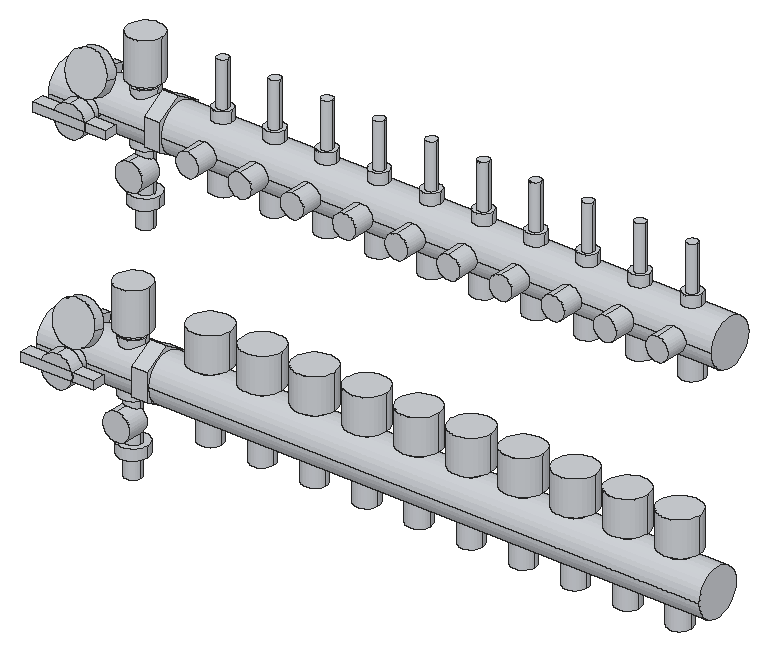
Revit family "318_f16c880827e94962872f661bd91b44", category Pipe Accessories, Revit 2017 (continued)
Connectors
  piping at (249, 0, -40), diameter 18, driven by "Flow supply 3", driven by "SBP3"
    settings: on Extrusion 128, index 4, connector inside diameter 609.6 mm, connector length 0 mm, flow factor 0, pipe flow 0.0 L/s, pressure drop 0.0 Pa, fitting loss kfactor 0, connector angle 0.00°, fixture units 0, engagement length 0 mm, angle of deflection 0.00°, flow configuration 0, flow direction 2, fitting loss method 0, system type 7, joint type 0, gender type 0, connector reference index -1, connector utility 0, adjustable connector no, is connector primary no, connector description "Branch_1_3"
  piping at (299, 0, -40), diameter 18, driven by "Flow supply 4", driven by "SBP4"
    settings: on Extrusion 127, index 5, connector inside diameter 609.6 mm, connector length 0 mm, flow factor 0, pipe flow 0.0 L/s, pressure drop 0.0 Pa, fitting loss kfactor 0, connector angle 0.00°, fixture units 0, engagement length 0 mm, angle of deflection 0.00°, flow configuration 0, flow direction 2, fitting loss method 0, system type 7, joint type 0, gender type 0, connector reference index -1, connector utility 0, adjustable connector no, is connector primary no, connector description "Branch_1_4"
  piping at (349, 0, -40), diameter 18, driven by "Flow supply 5", driven by "SBP5"
    settings: on Extrusion 126, index 6, connector inside diameter 609.6 mm, connector length 0 mm, flow factor 0, pipe flow 0.0 L/s, pressure drop 0.0 Pa, fitting loss kfactor 0, connector angle 0.00°, fixture units 0, engagement length 0 mm, angle of deflection 0.00°, flow configuration 0, flow direction 2, fitting loss method 0, system type 7, joint type 0, gender type 0, connector reference index -1, connector utility 0, adjustable connector no, is connector primary no, connector description "Branch_1_5"
  piping at (399, 0, -40), diameter 18, driven by "Flow supply 6", driven by "SBP6"
    settings: on Extrusion 125, index 7, connector inside diameter 609.6 mm, connector length 0 mm, flow factor 0, pipe flow 0.0 L/s, pressure drop 0.0 Pa, fitting loss kfactor 0, connector angle 0.00°, fixture units 0, engagement length 0 mm, angle of deflection 0.00°, flow configuration 0, flow direction 2, fitting loss method 0, system type 7, joint type 0, gender type 0, connector reference index -1, connector utility 0, adjustable connector no, is connector primary no, connector description "Branch_1_6"
  piping at (449, 0, -40), diameter 18, driven by "Flow supply 7", driven by "SBP7"
    settings: on Extrusion 124, index 8, connector inside diameter 609.6 mm, connector length 0 mm, flow factor 0, pipe flow 0.0 L/s, pressure drop 0.0 Pa, fitting loss kfactor 0, connector angle 0.00°, fixture units 0, engagement length 0 mm, angle of deflection 0.00°, flow configuration 0, flow direction 2, fitting loss method 0, system type 7, joint type 0, gender type 0, connector reference index -1, connector utility 0, adjustable connector no, is connector primary no, connector description "Branch_1_7"
  piping at (499, 0, -40), diameter 18, driven by "Flow supply 8", driven by "SBP8"
    settings: on Extrusion 121, index 9, connector inside diameter 609.6 mm, connector length 0 mm, flow factor 0, pipe flow 0.0 L/s, pressure drop 0.0 Pa, fitting loss kfactor 0, connector angle 0.00°, fixture units 0, engagement length 0 mm, angle of deflection 0.00°, flow configuration 0, flow direction 2, fitting loss method 0, system type 7, joint type 0, gender type 0, connector reference index -1, connector utility 0, adjustable connector no, is connector primary no, connector description "Branch_1_8"
  piping at (549, 0, -40), diameter 18, driven by "Flow supply 9", driven by "SBP9"
    settings: on Extrusion 122, index 10, connector inside diameter 609.6 mm, connector length 0 mm, flow factor 0, pipe flow 0.0 L/s, pressure drop 0.0 Pa, fitting loss kfactor 0, connector angle 0.00°, fixture units 0, engagement length 0 mm, angle of deflection 0.00°, flow configuration 0, flow direction 2, fitting loss method 0, system type 7, joint type 0, gender type 0, connector reference index -1, connector utility 0, adjustable connector no, is connector primary no, connector description "Branch_1_9"
  piping at (599, 0, -40), diameter 18, driven by "Flow supply 10", driven by "SBP10"
    settings: on Extrusion 123, index 11, connector inside diameter 609.6 mm, connector length 0 mm, flow factor 0, pipe flow 0.0 L/s, pressure drop 0.0 Pa, fitting loss kfactor 0, connector angle 0.00°, fixture units 0, engagement length 0 mm, angle of deflection 0.00°, flow configuration 0, flow direction 2, fitting loss method 0, system type 7, joint type 0, gender type 0, connector reference index -1, connector utility 0, adjustable connector no, is connector primary no, connector description "Branch_1_10"
  piping at (0, -15, -208), diameter 25, driven by "Flow return main", driven by "RMP"
    settings: on Extrusion 130, index 12, connector inside diameter 609.6 mm, connector length 0 mm, flow factor 0, pipe flow 0.0 L/s, pressure drop 0.0 Pa, fitting loss kfactor 0, connector angle 0.00°, fixture units 0, engagement length 0 mm, angle of deflection 0.00°, flow configuration 1, flow direction 2, fitting loss method 0, system type 8, joint type 0, gender type 0, connector reference index -1, connector utility 0, adjustable connector no, is connector primary no, connector description "Main_2_1"
  piping at (149, -15, -248), diameter 18, driven by "Flow return 1", driven by "RBP1"
    settings: on Extrusion 119, index 13, connector inside diameter 609.6 mm, connector length 0 mm, flow factor 0, pipe flow 0.0 L/s, pressure drop 0.0 Pa, fitting loss kfactor 0, connector angle 0.00°, fixture units 0, engagement length 0 mm, angle of deflection 0.00°, flow configuration 0, flow direction 1, fitting loss method 0, system type 8, joint type 0, gender type 0, connector reference index -1, connector utility 0, adjustable connector no, is connector primary no, connector description "Branch_2_1"
  piping at (199, -15, -248), diameter 18, driven by "Flow return 2", driven by "RBP2"
    settings: on Extrusion 118, index 14, connector inside diameter 609.6 mm, connector length 0 mm, flow factor 0, pipe flow 0.0 L/s, pressure drop 0.0 Pa, fitting loss kfactor 0, connector angle 0.00°, fixture units 0, engagement length 0 mm, angle of deflection 0.00°, flow configuration 0, flow direction 1, fitting loss method 0, system type 8, joint type 0, gender type 0, connector reference index -1, connector utility 0, adjustable connector no, is connector primary no, connector description "Branch_2_2"
  piping at (249, -15, -248), diameter 18, driven by "Flow return 3", driven by "RBP3"
    settings: on Extrusion 120, index 15, connector inside diameter 609.6 mm, connector length 0 mm, flow factor 0, pipe flow 0.0 L/s, pressure drop 0.0 Pa, fitting loss kfactor 0, connector angle 0.00°, fixture units 0, engagement length 0 mm, angle of deflection 0.00°, flow configuration 0, flow direction 1, fitting loss method 0, system type 8, joint type 0, gender type 0, connector reference index -1, connector utility 0, adjustable connector no, is connector primary no, connector description "Branch_2_3"
  piping at (299, -15, -248), diameter 18, driven by "Flow return 4", driven by "RBP4"
    settings: on Extrusion 117, index 16, connector inside diameter 609.6 mm, connector length 0 mm, flow factor 0, pipe flow 0.0 L/s, pressure drop 0.0 Pa, fitting loss kfactor 0, connector angle 0.00°, fixture units 0, engagement length 0 mm, angle of deflection 0.00°, flow configuration 0, flow direction 1, fitting loss method 0, system type 8, joint type 0, gender type 0, connector reference index -1, connector utility 0, adjustable connector no, is connector primary no, connector description "Branch_2_4"
  piping at (349, -15, -248), diameter 18, driven by "Flow return 5", driven by "RBP5"
    settings: on Extrusion 116, index 17, connector inside diameter 609.6 mm, connector length 0 mm, flow factor 0, pipe flow 0.0 L/s, pressure drop 0.0 Pa, fitting loss kfactor 0, connector angle 0.00°, fixture units 0, engagement length 0 mm, angle of deflection 0.00°, flow configuration 0, flow direction 1, fitting loss method 0, system type 8, joint type 0, gender type 0, connector reference index -1, connector utility 0, adjustable connector no, is connector primary no, connector description "Branch_2_5"
  piping at (399, -15, -248), diameter 18, driven by "Flow return 6", driven by "RBP6"
    settings: on Extrusion 115, index 18, connector inside diameter 609.6 mm, connector length 0 mm, flow factor 0, pipe flow 0.0 L/s, pressure drop 0.0 Pa, fitting loss kfactor 0, connector angle 0.00°, fixture units 0, engagement length 0 mm, angle of deflection 0.00°, flow configuration 0, flow direction 1, fitting loss method 0, system type 8, joint type 0, gender type 0, connector reference index -1, connector utility 0, adjustable connector no, is connector primary no, connector description "Branch_2_6"
  piping at (449, -15, -248), diameter 18, driven by "Flow return 7", driven by "RBP7"
    settings: on Extrusion 114, index 19, connector inside diameter 609.6 mm, connector length 0 mm, flow factor 0, pipe flow 0.0 L/s, pressure drop 0.0 Pa, fitting loss kfactor 0, connector angle 0.00°, fixture units 0, engagement length 0 mm, angle of deflection 0.00°, flow configuration 0, flow direction 1, fitting loss method 0, system type 8, joint type 0, gender type 0, connector reference index -1, connector utility 0, adjustable connector no, is connector primary no, connector description "Branch_2_7"
  piping at (499, -15, -248), diameter 18, driven by "Flow return 8", driven by "RBP8"
    settings: on Extrusion 112, index 20, connector inside diameter 609.6 mm, connector length 0 mm, flow factor 0, pipe flow 0.0 L/s, pressure drop 0.0 Pa, fitting loss kfactor 0, connector angle 0.00°, fixture units 0, engagement length 0 mm, angle of deflection 0.00°, flow configuration 0, flow direction 1, fitting loss method 0, system type 8, joint type 0, gender type 0, connector reference index -1, connector utility 0, adjustable connector no, is connector primary no, connector description "Branch_2_8"
  piping at (549, -15, -248), diameter 18, driven by "Flow return 9", driven by "RBP9"
    settings: on Extrusion 113, index 21, connector inside diameter 609.6 mm, connector length 0 mm, flow factor 0, pipe flow 0.0 L/s, pressure drop 0.0 Pa, fitting loss kfactor 0, connector angle 0.00°, fixture units 0, engagement length 0 mm, angle of deflection 0.00°, flow configuration 0, flow direction 1, fitting loss method 0, system type 8, joint type 0, gender type 0, connector reference index -1, connector utility 0, adjustable connector no, is connector primary no, connector description "Branch_2_9"
  piping at (599, -15, -248), diameter 18, driven by "Flow return 10", driven by "RBP10"
    settings: on Extrusion 111, index 22, connector inside diameter 609.6 mm, connector length 0 mm, flow factor 0, pipe flow 0.0 L/s, pressure drop 0.0 Pa, fitting loss kfactor 0, connector angle 0.00°, fixture units 0, engagement length 0 mm, angle of deflection 0.00°, flow configuration 0, flow direction 1, fitting loss method 0, system type 8, joint type 0, gender type 0, connector reference index -1, connector utility 0, adjustable connector no, is connector primary no, connector description "Branch_2_10"
